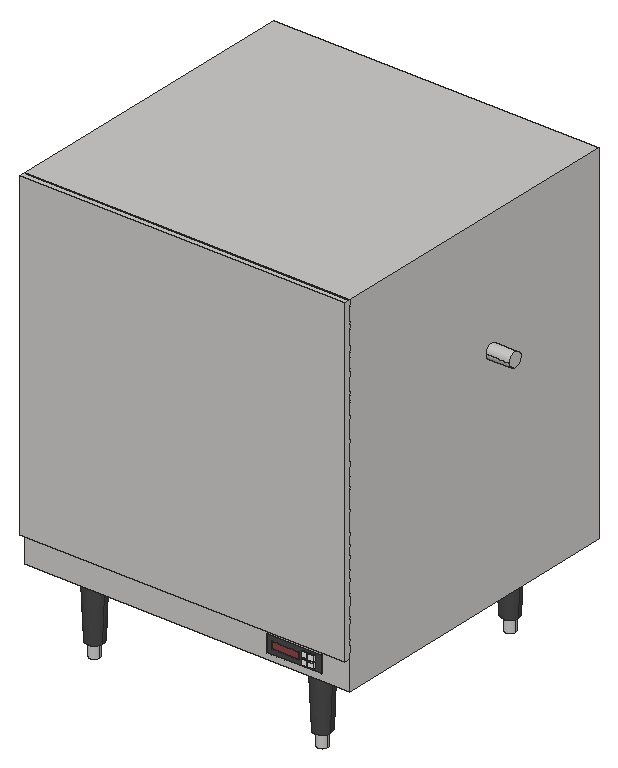
Revit family "QF_Hubbell_J16_1-58kw_cat", category Specialty Equipment, Revit 2012
Parameters (values of type "Requires Type Catalog QF_Hubbell_J16_1-58_cat.txt")
  Width = 1' - 11 1/2"
  Weight in Pounds = 95
  Watts = 1000 W
  Watermarked By = "http://revitwatermark.com"
  Volts = 120 V
  URL Cutsheet = ""
  URL = "www.hubbellheaters.com"
  Status [instance] = ""
  Specification by User [instance] = ""
  Specification by Manufacturer [instance] = ""
  Serial Number [instance] = ""
  Revision Code [instance] = ""
  Plumbing Remarks [instance] = ""
  Plumbing Connection Type [instance] = ""
  Phase = 1
  Number of Poles [instance] = 1
  NAFEM Spec ID Number [instance] = ""
  Model = "-"
  Min Ckt Ampacity = 10 A
  Masterspec [instance] = ""
  Manufacturer = "Hubbell"  # constant formula
  Leg Depth Separation = 1' - 5"
  Item Number [instance] = "-"
  Installed By [instance] = ""
  Hot Water Temperature [instance] = 140 °F
  Hot Water Size = 3/4"
  Hot Water RI Height [instance] = 0' - 0"
  Hot Water Minimum Pressure = 20.00 psi
  Hot Water Maximum Pressure = 75.00 psi
  Hot Water Flow = 0.00 GPM
  Hot Water Consumption = 0.00 GPM
  Hot Water Connection Height = 0' - 9 5/16"
  Height = 2' - 7 3/8"
  Furnished By [instance] = ""
  Foodservice Equipment Identifier = yes
  FL Amps = 10 A
  Electrical Remarks [instance] = ""
  Electric Connection Type [instance] = ""
  Elec Conn RI Height [instance] = 0' - 0"
  Elec Conn Connection Height = 0' - 7 5/16"
  Description = "Electric Booster Heater"
  Overall Depth = 1' - 11"
  Cycle = 60 Hz
  Conn Conduit = yes
  CSI MasterFormat = "11 40 00"
  Box Depth = 1' - 11"
  Assembly Code = "E1090320"
  Apparent Power = if(Phase = 3, Volts * FL Amps * 1.73, Volts * FL Amps)  # 1200 VA
Reference planes (in)
  plane 1 "BACK": y = 0
  plane 2: z = 0
  plane 3 "LEFT": x = -19.72626
  plane 4 "RIGHT": x = 3.77374
  plane 5 "FRONT": y = -23
  plane 6 "Bottom": z = 6
  plane 7 "TOP": z = 31.375
  plane 8 "Back of Box": y = 0
  plane 9: z = 8.125
  plane 10 "Rear Legs": y = -3
  plane 11 "Front Legs": y = -20
  plane 12 "Right Legs": x = -0.22626
  plane 13 "Left Legs": x = -16.72626
  plane 14 "Front of Box": y = -22.5625
  plane 15 "Relief Valve Elev": z = 15.5
  plane 16 "HW Out Elev": z = 22.5
  plane 17 "HW In Elev": z = 14.625
  plane 18 "HW": x = -13.22626
  plane 19 "Relief Valve": x = -9.97626
  plane 20: y = -13.25
  plane 21: y = -9.75
  plane 22: x = -5.97626
  plane 23: y = -2
  plane 24: x = 1.77374
Forms (in)
  Extrusion 1, solid, material "QF_Finishes_Stainless Steel"
    sketch origin (0, 0, 6) x (0, 1, 0) y (-1, 0, 0)
      loop
        line (0, 19.72626) -> (-22.5625, 19.72626) -> (-22.5625, -3.77374) -> (0, -3.77374) -> (0, 19.72626)
    from 0 to 25.375
  Extrusion 2, solid, material "QF_Finishes_Stainless Steel"
    sketch origin (0, -22.5625, 0) x (1, 0, 0) y (0, 0, 1)
      loop
        line (-19.72626, 31.375) -> (-19.72626, 8.125) -> (3.77374, 8.125) -> (3.77374, 31.375) -> (-19.72626, 31.375)
    from 0 to 0.4375
  Extrusion 3, void
    sketch origin (0, -22.5625, 0) x (1, 0, 0) y (0, 0, 1)
      loop
        line (-2.22626, 6.4375) -> (1.77374, 6.4375) -> (1.77374, 7.6875) -> (-2.22626, 7.6875) -> (-2.22626, 6.4375)
    from 0 to -0.125
  Extrusion 4, solid, material "QF_Finishes_Black"
    sketch origin (2.5, -22.5625, 0) x (1, 0, 0) y (0, 0, 1)
      loop
        line (-0.72626, 7.6875) -> (-4.72626, 7.6875) -> (-4.72626, 6.4375) -> (-0.72626, 6.4375) -> (-0.72626, 7.6875)
      loop
        line (-1.22626, 7.125) -> (-1.22626, 7.5) -> (-1.60126, 7.5) -> (-1.60126, 7.125) -> (-1.22626, 7.125)
      loop
        line (-1.22626, 6.625) -> (-1.22626, 7) -> (-1.60126, 7) -> (-1.60126, 6.625) -> (-1.22626, 6.625)
      loop
        line (-1.72626, 7.125) -> (-1.72626, 7.5) -> (-2.10126, 7.5) -> (-2.10126, 7.125) -> (-1.72626, 7.125)
      loop
        line (-1.72626, 6.625) -> (-1.72626, 7) -> (-2.10126, 7) -> (-2.10126, 6.625) -> (-1.72626, 6.625)
      loop
        line (-2.35126, 7.3125) -> (-4.35126, 7.3125) -> (-4.35126, 6.8125) -> (-2.35126, 6.8125) -> (-2.35126, 7.3125)
    from 0 to -0.125
  Extrusion 5, solid, material "QF_Finishes_LED - Red Off"
    sketch origin (2.5, -22.5625, 0) x (1, 0, 0) y (0, 0, 1)
      loop
        line (-4.35126, 7.3125) -> (-4.35126, 6.8125) -> (-2.35126, 6.8125) -> (-2.35126, 7.3125) -> (-4.35126, 7.3125)
    from 0 to -0.125
  Extrusion 6, solid, material "QF_Finishes_White"
    sketch origin (2.5, -22.5625, 0) x (1, 0, 0) y (0, 0, 1)
      loop
        line (-2.10126, 7.5) -> (-2.10126, 7.125) -> (-1.72626, 7.125) -> (-1.72626, 7.5) -> (-2.10126, 7.5)
      loop
        line (-1.60126, 7.125) -> (-1.22626, 7.125) -> (-1.22626, 7.5) -> (-1.60126, 7.5) -> (-1.60126, 7.125)
      loop
        line (-2.10126, 7) -> (-2.10126, 6.625) -> (-1.72626, 6.625) -> (-1.72626, 7) -> (-2.10126, 7)
      loop
        line (-1.60126, 7) -> (-1.60126, 6.625) -> (-1.22626, 6.625) -> (-1.22626, 7) -> (-1.60126, 7)
    from -0.125 to 0.125
  Extrusion 7, solid, material "QF_Finishes_Stainless Steel"
    sketch origin (0, 0, 0) x (1, 0, 0) y (0, 1, 0)
      loop
        circle (-16.72626, -3) r 0.375
      loop
        circle (-0.22626, -3) r 0.375
      loop
        circle (-16.72626, -20) r 0.375
      loop
        circle (-0.22626, -20) r 0.375
    from 0 to 1
  Blend 8, solid, material "QF_Finishes_Black"
    base sketch origin (0, 0, 0) x (1, 0, 0) y (0, 1, 0)
      loop
        circle (-16.72626, -3) r 0.625
    top sketch origin (0, 0, 0) x (1, 0, 0) y (0, 1, 0)
      loop
        circle (-16.72626, -3) r 0.8125
    from 1 to 6
  Blend 9, solid, material "QF_Finishes_Black"
    base sketch origin (10, 0, 0) x (1, 0, 0) y (0, 1, 0)
      loop
        circle (-10.22626, -3) r 0.625
    top sketch origin (10, 0, 0) x (1, 0, 0) y (0, 1, 0)
      loop
        circle (-10.22626, -3) r 0.8125
    from 1 to 6
  Blend 10, solid, material "QF_Finishes_Black"
    base sketch origin (10, -14.125, 0) x (1, 0, 0) y (0, 1, 0)
      loop
        circle (-10.22626, -5.875) r 0.625
    top sketch origin (10, -14.125, 0) x (1, 0, 0) y (0, 1, 0)
      loop
        circle (-10.22626, -5.875) r 0.8125
    from 1 to 6
  Blend 11, solid, material "QF_Finishes_Black"
    base sketch origin (0, -14.125, 0) x (1, 0, 0) y (0, 1, 0)
      loop
        circle (-16.72626, -5.875) r 0.625
    top sketch origin (0, -14.125, 0) x (1, 0, 0) y (0, 1, 0)
      loop
        circle (-16.72626, -5.875) r 0.8125
    from 1 to 6
  Extrusion 12, void
    sketch origin (-19.72626, 0, 0) x (0, 1, 0) y (0, 0, 1)
      loop
        circle (-20.5, 7.0625) r 0.25
    from 0 to 0.125
  Extrusion 13, solid, material "QF_Finishes_Stainless Steel"
    sketch origin (3.77374, 3.5, 0) x (0, 1, 0) y (0, 0, 1)
      loop
        circle (-13.25, 22.5) r 0.5
    from 0 to 1.75636
  Extrusion 14, solid, material "QF_Finishes_Stainless Steel"
    sketch origin (4, 3.5, 6) x (0, 1, 0) y (-1, 0, 0)
      loop
        circle (-13.25, 9.97626) r 0.375
    from 0 to -0.29867
  Extrusion 15, solid, material "QF_Finishes_Stainless Steel"
    sketch origin (0, 0, 6) x (0, 1, 0) y (-1, 0, 0)
      loop
        circle (-2, -1.77374) r 0.375
    from 0 to -0.29867
Cuts and joins
  Extrusion 3, Extrusion 12 cuts Extrusion 1
Lines and regions (in)
  symbolic lines, style "SpecialityEquipmentHiddenLines"
    curve 1: line (-19.72626, 0, 15.5) -> (3.77374, 0, 15.5)
    curve 2: line (-19.72626, -23, 15.5) -> (-19.72626, 0, 15.5)
    curve 3: line (3.77374, -23, 15.5) -> (-19.72626, -23, 15.5)
    curve 4: line (3.77374, 0, 15.5) -> (3.77374, -23, 15.5)
Dimensions and locks (in)
  "Width": plane 4 "RIGHT" to plane 3 "LEFT"
  "Overall Depth": plane 5 "FRONT" to plane 1 "BACK"
  "Box Depth": plane 5 "FRONT" to plane 8 "Back of Box"
  locked: plane 9 to plane 6 "Bottom" at 2.125
  locked: plane 6 "Bottom" to level at 6
  "Height": plane 7 "TOP" to level
  locked: plane 3 "LEFT" to plane 13 "Left Legs" at 3
  locked: plane 12 "Right Legs" to plane 4 "RIGHT" at 4
  locked: plane 10 "Rear Legs" to plane 8 "Back of Box" at 3
  "Leg Depth Separation": plane 10 "Rear Legs" to plane 11 "Front Legs"
  locked: plane 5 "FRONT" to plane 14 "Front of Box" at 0.4375
  locked: plane 4 "RIGHT" to Extrusion 3 sketch curve at 2
  locked: Extrusion 3 sketch curve to plane 6 "Bottom" at 0.4375
  locked: Extrusion 3 sketch curve to Extrusion 3 sketch curve at 1.25
  locked: Extrusion 3 sketch curve to Extrusion 3 sketch curve at 4
  plane 15 "Relief Valve Elev" to plane 6 "Bottom" = 0' - 9 1/2"
  locked: plane 16 "HW Out Elev" to plane 17 "HW In Elev" at 7.875
  locked: plane 3 "LEFT" to plane 18 "HW" at 6.5
  locked: plane 18 "HW" to plane 19 "Relief Valve" at 3.25
  locked: Extrusion 12 sketch curve to plane 5 "FRONT" at 2.5
  locked: Extrusion 12 sketch curve to plane 6 "Bottom" at 1.0625
  locked: plane 16 "HW Out Elev" to plane 6 "Bottom" at 16.5
  locked: plane 20 to plane 5 "FRONT" at 9.75
  locked: Extrusion 13 to plane 4 "RIGHT" at 1.75636
  plane 3 "LEFT" to plane 19 "Relief Valve" = 0' - 9 3/4"
  locked: Extrusion 14 to plane 6 "Bottom" at 0.29867
  locked: plane 21 to plane 8 "Back of Box" at 9.75
  locked: plane 22 to plane 4 "RIGHT" at 9.75
  locked: plane 24 to plane 4 "RIGHT" at 2
  locked: plane 23 to plane 8 "Back of Box" at 2
  aligned and locked: level to plane 2
  aligned and locked: plane 8 "Back of Box" to Extrusion 1 sketch curve
  aligned and locked: plane 3 "LEFT" to Extrusion 1 sketch curve
  aligned and locked: Extrusion 1 sketch curve to plane 14 "Front of Box"
  aligned and locked: Extrusion 1 sketch curve to plane 4 "RIGHT"
  aligned and locked: plane 7 "TOP" to Extrusion 1
  aligned and locked: plane 3 "LEFT" to Extrusion 2 sketch curve
  aligned and locked: Extrusion 2 sketch curve to plane 7 "TOP"
  aligned and locked: Extrusion 2 sketch curve to plane 4 "RIGHT"
  aligned and locked: plane 9 to Extrusion 2 sketch curve
  aligned and locked: plane 5 "FRONT" to Extrusion 2
  aligned and locked: plane 6 "Bottom" to Blend 8
  aligned and locked: curve 1 to cut or joined group of Extrusion 1, Extrusion 3, Extrusion 12
  aligned and locked: curve 2 to cut or joined group of Extrusion 1, Extrusion 3, Extrusion 12
  aligned and locked: curve 3 to Extrusion 2
  aligned and locked: curve 4 to Extrusion 2
  aligned and locked: Extrusion 15 to Extrusion 14
Automatic sketch dimensions
  Extrusion 4 sketch curve to plane 9 = 0' - 0 7/16"
  Extrusion 4 sketch curve to plane 12 "Right Legs" = 0' - 2"
  Extrusion 4 sketch curve to Extrusion 4 sketch curve = 0' - 0 3/8"  (x4)
  plane 6 "Bottom" to Extrusion 4 sketch curve = 0' - 0 13/16"
  Extrusion 4 sketch curve to Extrusion 4 sketch curve = 0' - 2"
  Extrusion 4 sketch curve to Extrusion 4 sketch curve = 0' - 0 1/4"
  Extrusion 4 sketch curve to Extrusion 4 sketch curve = 0' - 0"  (x6)
  Extrusion 4 sketch curve to Extrusion 4 sketch curve = 0' - 0 1/8"  (x3)
  plane 12 "Right Legs" to Extrusion 4 sketch curve = 0' - 2"
  plane 6 "Bottom" to Extrusion 4 sketch curve = 0' - 0 5/8"
  plane 6 "Bottom" to Extrusion 4 sketch curve = 0' - 0 7/16"
  Extrusion 4 sketch curve to Extrusion 4 sketch curve = 0' - 0 3/16"  (x2)
  Extrusion 4 sketch curve to Extrusion 4 sketch curve = 0' - 0 1/2"
  plane 6 "Bottom" to Extrusion 5 sketch curve = 0' - 0 13/16"
  Extrusion 5 sketch curve to plane 12 "Right Legs" = 0' - 1 5/8"
  Extrusion 5 sketch curve to Extrusion 5 sketch curve = 0' - 2"
  Extrusion 5 sketch curve to Extrusion 5 sketch curve = 0' - 0 1/2"
  Extrusion 6 sketch curve to plane 9 = 0' - 0 5/8"
  plane 12 "Right Legs" to Extrusion 6 sketch curve = 0' - 0 5/8"
  Extrusion 6 sketch curve to Extrusion 6 sketch curve = 0' - 0"  (x6)
  Extrusion 6 sketch curve to Extrusion 6 sketch curve = 0' - 0 3/8"  (x5)
  Extrusion 6 sketch curve to Extrusion 6 sketch curve = 0' - 0 1/8"  (x3)
  Extrusion 7 sketch curve to plane 11 "Front Legs" = 0' - 0"  (x2)
  Extrusion 7 sketch curve to plane 13 "Left Legs" = 0' - 0"  (x2)
  Extrusion 7 sketch curve to plane 10 "Rear Legs" = 0' - 0"  (x2)
  Extrusion 7 sketch curve to plane 12 "Right Legs" = 0' - 0"  (x2)
  Blend 8 sketch curve to plane 10 "Rear Legs" = 0' - 0"  (x2)
  Blend 8 sketch curve to plane 13 "Left Legs" = 0' - 0"  (x2)
  Blend 9 sketch curve to plane 10 "Rear Legs" = 0' - 0"  (x2)
  Blend 9 sketch curve to plane 12 "Right Legs" = 0' - 0"  (x2)
  Blend 10 sketch curve to plane 11 "Front Legs" = 0' - 0"  (x2)
  Blend 10 sketch curve to plane 12 "Right Legs" = 0' - 0"  (x2)
  Blend 11 sketch curve to plane 11 "Front Legs" = 0' - 0"  (x2)
  Blend 11 sketch curve to plane 13 "Left Legs" = 0' - 0"  (x2)
  Extrusion 13 sketch curve to plane 16 "HW Out Elev" = 0' - 0"
  Extrusion 13 sketch curve to plane 20 = 0' - 3 1/2"
  plane 19 "Relief Valve" to Extrusion 14 sketch curve = 0' - 4"
  Extrusion 14 sketch curve to plane 20 = 0' - 3 1/2"
  Extrusion 15 sketch curve to plane 23 = 0' - 0"
  Extrusion 15 sketch curve to plane 24 = 0' - 0"
  radius of Extrusion 7 sketch curve = 0' - 0 3/8"  (x4)
  radius of Blend 8 sketch curve = 0' - 0 5/8"
  radius of Blend 8 sketch curve = 0' - 0 13/16"
  radius of Blend 9 sketch curve = 0' - 0 5/8"
  radius of Blend 9 sketch curve = 0' - 0 13/16"
  radius of Blend 10 sketch curve = 0' - 0 5/8"
  radius of Blend 10 sketch curve = 0' - 0 13/16"
  radius of Blend 11 sketch curve = 0' - 0 5/8"
  radius of Blend 11 sketch curve = 0' - 0 13/16"
  radius of Extrusion 12 sketch curve = 0' - 0 1/4"
  radius of Extrusion 13 sketch curve = 0' - 0 1/2"
  radius of Extrusion 14 sketch curve = 0' - 0 3/8"
  radius of Extrusion 15 sketch curve = 0' - 0 3/8"
Connectors (in)
  electrical at (-19.72626, -20.5, 7.0625), driven by "Number of Poles", driven by "Volts", driven by "Apparent Power"
    settings: on cut or joined group of Extrusion 1, Extrusion 3, Extrusion 12, index 3, voltage 120 V, apparent load 1200 VA, apparent load phase1 0 VA, apparent load phase2 0 VA, apparent load phase3 0 VA, power factor 1, load classification "Other", number of poles 1, system type 30, power factor state 1, is connector primary yes, connector utility no, sub classification motor no, connector description "Electric Connection"
  piping at (-5.97626, -9.75, 5.70133), driven by "Hot Water Flow"
    settings: on Extrusion 14, index 5, connector radius 3/8", flow factor 0, pipe flow 0.00 GPM, pressure drop 0.00 psi, fitting loss kfactor 0, connector angle 0.00°, fixture units 0, engagement length 0' - 0", flow configuration 1, flow direction 1, fitting loss method 0, system type 19, joint type 0, gender type 0, connector reference index -1, connector utility 0, adjustable connector no, is connector primary yes, fitting loss table "", connector description "Hot Water Inlet"
  piping at (1.77374, -2, 5.70133), driven by "Hot Water Flow"
    settings: on Extrusion 15, index 6, connector radius 3/8", flow factor 0, pipe flow 0.00 GPM, pressure drop 0.00 psi, fitting loss kfactor 0, connector angle 0.00°, fixture units 0, engagement length 0' - 0", flow configuration 1, flow direction 2, fitting loss method 0, system type 22, joint type 0, gender type 0, connector reference index -1, connector utility 0, adjustable connector no, is connector primary no, fitting loss table "", connector description "Hot Water Outlet"
